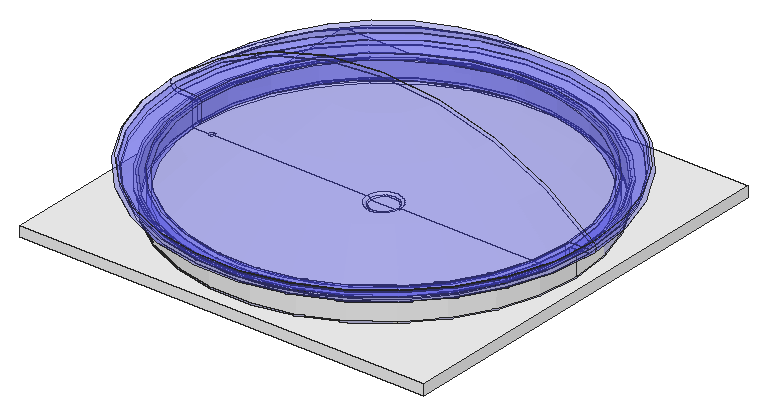
Revit family "BE_50015P_de_DE", category Leuchten, Revit 2020
Family settings
  Basisbauteil = Fläche
  Bemaßung runder Anschluss = Durchmesser verwenden
  Teiletyp = Normal
  Beim Laden mit Abzugskörper schneiden = Ja
  Lichtquelle = Ja
  Gemeinsam genutzt = Nein
  Raumberechnungspunkt = Ja
Parameters (values of type "BEGA_50015P_K3")
  built-in parameter 1150104 = 12.087 (stored number, unit not read)
  Wattage = 28.1 W
  Default Elevation = 0 mm
  built-in parameter 1150113 = 1 (stored number, unit not read)
  built-in parameter 1114218 = 1 (stored number, unit not read)
  Umgebungstemperatur = "25 °C"
  URL = "https://www.bega.com/de/produkt/50015P"
  Typenkommentare = "© 2022 BEGA. Wir behalten uns das Recht vor, technische Änderungen ohne vorherige Ankündigung vorzunehmen."  # constant formula
  built-in parameter 1150134 = (empty or 0)
  built-in parameter 1150109 = 1 (stored number, unit not read)
  Strom = ""
  built-in parameter 1150110 = 1 (stored number, unit not read)
  Spannung = 239.996 V
  Sonderanfertigung = no
  Seriennummer [instance] = "Hier können Sie die eindeutige Seriennummer für das Facility Management eintragen."
  Schutzklasse = "I"
  Schutzart = "IP 20"
  Scheinlast = 0 VA
  Produktdatenblatt = "http://www.bega.de/download/Xrfa/db/50015P.db.de.pdf"
  Oberflächentemperatur = ""
  Neigungswinkel = 0.00°
  Model = "50015PK2"
  Material_17 = BEGA_Reflektor
  Material_15 = BEGA_Leuchtmedium_matt
  Material_14 = BEGA_Kunststoff_opal
  Material_11 = BEGA_Glas_opal
  Material_09 = BEGA_Glas_klar
  Material_06 = BEGA_Oberfläche_Edelstahl_gebürstet
  Material_03 = BEGA_Oberfläche_Weiss_matt
  Material_02 = BEGA_Oberfläche_Silber_matt
  Material_01 [instance] = BEGA_Oberfläche_Grafit_matt
  M_W = no
  M_G = no
  M_A = no
  Logo = 0
  built-in parameter 1114217 = 1 (stored number, unit not read)
  built-in parameter 1150139 = (empty or 0)
  built-in parameter 1150105 = 1060.2 (stored number, unit not read)
  built-in parameter 1150114 = 1 (stored number, unit not read)
  Lumens = 3655.81 lm
  built-in parameter 1150115 = 1 (stored number, unit not read)
  Leuchtenlichtstrom = "2958 lm"
  Leuchtenanzahl = ""
  Lebensdauerkriterien = "L70B50 @ 25 °C = 302000 h"
  Lastklassifizierung = Beleuchtung
  built-in parameter 1150112 = 1 (stored number, unit not read)
  Lampenlichtstrom = "3655 lm"
  Lamp = "LED 28.1 W"
  LED_Modulbezeichnung = "LED-0630/927"
  Hersteller = "BEGA"  # constant formula
  Halbstreuwinkel = ""
  Gewicht = ""
  Gebrauchslageneinschränkung [instance] = ""
  Frequenz = "0/50-60 Hz"
  Farbwiedergabeindex = "CRI > 90"
  Farbtemperaturverschiebung bei Dämpfen der Lampe = <Keine Auswahl>
  Farbtemperatur = "2700 K"
  Color Filter = 16777215
  built-in parameter 1150133 = 10 (stored number, unit not read)
  Energieeffizienzklasse = "LED A++ - A"
  built-in parameter 1150137 = (empty or 0)
  built-in parameter 1150132 = (empty or 0)
  ENEC = "ja"
  Dimmbar [instance] = ""
  Photometric Web File = "BE_50015PK2.IES"
  CE_Konformität = "ja"
  Bestellnummer = "50015PK2"
  Beschreibung_Sonderanfertigung = "Hier können Sie Informationen zur Sonderanfertigung eintragen."
  Beschreibung = "Decken- und Wandleuchte"
  built-in parameter 1150106 = 10.602 (stored number, unit not read)
  Befestigungsbohrung = "Ø 6 mm"
  Befestigungsabstand = "340 mm"
  Ballwurfsicher = ""
  BEGA_Intern_aus = yes
  BEGA_Intern_an = yes
  BEGA_Intern_Konstruktion = yes
  BEGA_Intern = yes
  BEGA_IES = yes
  BEGA_Dummy = no
  Anschlussleitung = ""
  Anschlussleistung [instance] = "32.5 W"
  Anschlusskasten = ""
  built-in parameter 1150107 = 2700 (stored number, unit not read)
  built-in parameter 1150102 = (empty or 0)
  built-in parameter 1150138 = (empty or 0)
  Aktualisierung = "2020-07-14T04:00:13"
  Abstand_zur_angestrahlten_Fläche [instance] = ""
  AC/DC = "AC/DC"
Types (3, lengths in mm): name | built-in parameter 1150104 | built-in parameter 1150134 | Model | built-in parameter 1150105 | Lumens | Leuchtenlichtstrom | Lampenlichtstrom | LED_Modulbezeichnung | Farbtemperatur | Photometric Web File | Bestellnummer | built-in parameter 1150106 | built-in parameter 1150107
  BEGA_50015P_K3 | 12.18 (stored number, unit not read) | (empty or 0) | "50015PK3" | 1068.4 (stored number, unit not read) | 3683.91 lm | "3485 lm" | "4305 lm" | "LED-0630/930" | "3000 K" | "BE_50015PK3.IES" | "50015PK3" | 10.684 (stored number, unit not read) | 3000 (stored number, unit not read)
  BEGA_50015P_K4 | 12.626 (stored number, unit not read) | 12 | "50015PK4" | 1107.5 (stored number, unit not read) | 3818.79 lm | "3626 lm" | "4480 lm" | "LED-0630/940" | "4000 K" | "BE_50015PK4.IES" | "50015PK4" | 11.075 (stored number, unit not read) | 4000 (stored number, unit not read)
  BEGA_50015P_K27 | 12.626 (stored number, unit not read) | 12 | "50015PK27" | 1107.5 (stored number, unit not read) | 3818.79 lm | "3371 lm" | "4165 lm" | "LED-0630/927" | "2700 K" | "BE_50015PK27.IES" | "50015PK27" | 11.075 (stored number, unit not read) | 4000 (stored number, unit not read)
Reference planes
  plane 1 "Mitte (Vorne/Hinten)": y = 0
  plane 2: z = 0
  plane 3 "Mitte (Links/Rechts)": x = 0
  plane 4 "Links": x = -210.263
  plane 5 "Rechts": x = 210.263
  plane 6 "Unten": y = -210.3
  plane 7 "Oben": y = 210.3
  plane 8 "Vorne": z = 117.8
  plane 9 "Hinten": z = 0
Forms (mm)
  Extrusion 1, solid, material "BEGA_Platte_Weiss"
    sketch origin (0, -1119.2, 0) x (1, 0, 0) y (0, 1, 0)
      loop
        line (-200, 1319.2) -> (-200, 919.2) -> (200, 919.2) -> (200, 1319.2) -> (-200, 1319.2)
    from 0 to -10
  Extrusion 2, solid, material "BEGA_Dummy_matt", visible <- "BEGA_Dummy"
    sketch origin (77.149, -76.023, 0) x (1, 0, 0) y (0, 1, 0)
      loop
        circle (-77.149, 76.023) r 210
    from 0 to 117.8
Dimensions and locks
  plane 1 "Mitte (Vorne/Hinten)" to Extrusion 1 = 200 mm
  aligned and locked: plane 2 to Extrusion 1
  aligned and locked: level to Extrusion 1
Nested families
  nested 1: "BE_50015P" at (0, 0, 0) x (0, -1, 0) z (0, 0, 1), type "BE_50015P"
Connectors
  electrical at (0, 0, 0), driven by "Lastklassifizierung", driven by "Spannung", driven by "Scheinlast"
    settings: index 1, voltage 239.996 V, apparent load 0 VA, apparent load phase1 0 VA, apparent load phase2 0 VA, apparent load phase3 0 VA, power factor 1, load classification "Beleuchtung", number of poles 1, system type 31, power factor state 1, is connector primary yes, connector utility no, sub classification motor no, connector description ""
Definition of nested family "BE_50015P"
  Parameters (values of type "BE_50015P")
    Default Elevation = 1 mm
    URL = "http://www.bega.de/de/produkt"
    Type Comments = "© 2015 BEGA. Wir behalten uns das Recht vor, technische Änderungen ohne vorherige Ankündigung vorzunehmen. "  # constant formula
    Type Image = (empty or 0)
    Neigungswinkel_um_Z2 = 0.00°
    Neigungswinkel_um_Z1 = 0.00°
    Neigungswinkel_um_Y2 = 0.00°
    Neigungswinkel_um_Y1 = 0.00°
    Neigungswinkel_um_X2 = 0.00°
    Neigungswinkel_um_X1 = 0.00°
    Material_17 = none
    Material_15 = none
    Material_14 = none
    Material_11 = none
    Material_09 = none
    Material_06 = none
    Material_05 = none
    Material_03 = none
    Material_02 = none
    Material_01 = none
    M_W = yes
    M_G = yes
    M_A = yes
    Länge_Platte = 600 mm  # constant formula
    Höhe_Platte = -10 mm  # constant formula
    Manufacturer = "BEGA"  # constant formula
    Drehwinkel_um_Z2 = 0.00°
    Drehwinkel_um_Z1 = 0.00°
    Breite_Platte = 600 mm  # constant formula
  Reference planes
    plane 1 "Mitte (Oben/Unten)": y = 0
    plane 2: z = 0
    plane 3 "Mitte (Links/Rechts)": x = 0
    plane 4: y = 210.263
    plane 5: z = 117.8
    plane 6: y = -210.263
    plane 7: x = -210.3
    plane 8: x = 210.3
  Forms (mm)
    Extrusion 1, solid, detail levels medium
      sketch origin (0, 0, 0) x (1, 0, 0) y (0, 1, 0)
        loop
          line (-300, 300) -> (-300, -300) -> (300, -300) -> (300, 300) -> (-300, 300)
      from 0 to -10 <- "Höhe_Platte"
    Revolve 2, solid, material <- "Material_03", detail levels medium+fine
      sketch origin (0, 0, 0) x (0, 1, 0) y (0, 0, 1)
        loop
          line (188.667, 3.3) -> (16.416, 3.3)
          arc (16.416, 3.3) -> (15.106, 2.926) -> (14.186, 1.92) r 2.5
          arc (14.186, 1.92) -> (13.635, 1.322) -> (12.852, 1.1) r 1.5
          line (12.852, 1.1) -> (0.002, 1.1) -> (0.002, 0.1) -> (13.084, 0.1)
          arc (13.084, 0.1) -> (14.394, 0.474) -> (15.313, 1.48) r 2.5
          arc (15.313, 1.48) -> (15.866, 2.078) -> (16.65, 2.3) r 1.5
          line (16.65, 2.3) -> (188.667, 2.3)
          arc (188.667, 2.3) -> (190.064, 2.868) -> (190.667, 4.25) r 2
          line (190.667, 4.25) -> (191.038, 25.509)
          arc (191.038, 25.509) -> (191.277, 26.071) -> (191.842, 26.3) r 0.8
          line (191.842, 26.3) -> (194, 26.3) -> (194, 27.3) -> (191.844, 27.3)
          arc (191.844, 27.3) -> (190.578, 26.786) -> (190.038, 25.531) r 1.8
          line (190.038, 25.531) -> (189.667, 4.275)
          arc (189.667, 4.275) -> (189.365, 3.584) -> (188.667, 3.3) r 1
        axis (0, 0.1) -> (0, 27.3)
      angle from 0 to 360
    Extrusion 3, void
      sketch origin (0, 0, 0) x (1, 0, 0) y (0, 1, 0)
        loop
          circle (163, 18) r 8.5
        loop
          circle (0, -170) r 2.75
        loop
          circle (163, -18) r 8.5
        loop
          circle (0, 170) r 2.75
      from 1.096 to 7.205
    Revolve 4, solid, material <- "Material_14", detail levels medium+fine
      sketch origin (0, 0, 0) x (0, 1, 0) y (0, 0, 1)
        loop
          line (0, 117.8) -> (0, 113.8)
          arc (0, 113.8) -> (109.34, 94.281) -> (205.171, 38.134) r 315.999
          arc (205.171, 38.134) -> (206.112, 34.88) -> (203.42, 32.823) r 3
          line (203.42, 32.823) -> (183.692, 31.789)
          arc (183.692, 31.789) -> (181.07, 30.581) -> (180, 27.899) r 3.895
          line (180, 27.899) -> (180, 10.3) -> (184, 10.3) -> (184, 26.851)
          arc (184, 26.851) -> (184.275, 27.539) -> (184.948, 27.85) r 1
          line (184.948, 27.85) -> (203.629, 28.829)
          arc (203.629, 28.829) -> (209.896, 33.581) -> (207.79, 41.158) r 7
          arc (207.79, 41.158) -> (110.737, 98.029) -> (0, 117.8) r 319.999
        axis (0, 117.8) -> (0, 10.3)
      angle from 0 to 360
    Revolve 5, solid, material <- "Material_03", detail levels medium+fine
      sketch origin (87.5, 0, 0) x (0, 1, 0) y (0, 0, 1)
        loop
          line (151.554, 0) -> (151.554, 2.614) -> (145.865, 2.614)
          arc (145.865, 2.614) -> (148.424, 0.685) -> (151.554, 0) r 7.5
        axis (151.554, 0) -> (151.554, 2.614)
      angle from 0 to 360
    Revolve 6, solid, material <- "Material_03", detail levels medium+fine
      sketch origin (-43.752, -75.774, 0) x (0.866025, -0.5, 0) y (0, 0, 1)
        loop
          line (151.554, 0) -> (151.554, 2.614) -> (145.865, 2.614)
          arc (145.865, 2.614) -> (148.424, 0.685) -> (151.554, 0) r 7.5
        axis (151.554, 0) -> (151.554, 2.614)
      angle from 0 to 360
    Revolve 7, solid, material <- "Material_03", detail levels medium+fine
      sketch origin (-43.748, 75.781, 0) x (-0.866025, -0.5, 0) y (0, 0, 1)
        loop
          line (151.554, 0) -> (151.554, 2.614) -> (145.865, 2.614)
          arc (145.865, 2.614) -> (148.424, 0.685) -> (151.554, 0) r 7.5
        axis (151.554, 0) -> (151.554, 2.614)
      angle from 0 to 360
  Cuts and joins
    Extrusion 3 cuts Revolve 2
    joined: Revolve 2, Revolve 5, Revolve 6, Revolve 7
  Dimensions and locks
    equal spacing: Extrusion 1 sketch curve, plane 3 "Mitte (Links/Rechts)", Extrusion 1 sketch curve
    equal spacing: Extrusion 1 sketch curve, plane 1 "Mitte (Oben/Unten)", Extrusion 1 sketch curve
    "Länge_Platte": Extrusion 1 sketch curve to Extrusion 1 sketch curve
    "Breite_Platte": Extrusion 1 sketch curve to Extrusion 1 sketch curve
    aligned and locked: Extrusion 1 to plane 2
    aligned and locked: level to Extrusion 1
  Automatic sketch dimensions
    Revolve 2 sketch curve to Revolve 2 sketch curve = 0 mm  (x11)
    Revolve 2 sketch curve to plane 1 "Mitte (Oben/Unten)" = 0 mm
    Revolve 2 sketch curve to plane 1 "Mitte (Oben/Unten)" = 0.002 mm
    level to Revolve 2 sketch curve = 2.6 mm
    Revolve 2 sketch curve to plane 1 "Mitte (Oben/Unten)" = 12.849 mm
    Revolve 2 sketch curve to Revolve 2 sketch curve = 0.003 mm
    Revolve 2 sketch curve to Revolve 2 sketch curve = 0.229 mm  (x2)
    level to Revolve 2 sketch curve = 0.1 mm
    Revolve 2 sketch curve to Revolve 2 sketch curve = 0.232 mm
    Revolve 2 sketch curve to Revolve 2 sketch curve = 3.338 mm
    level to Revolve 2 sketch curve = 0.8 mm
    Revolve 2 sketch curve to Revolve 2 sketch curve = 0.005 mm
    level to Revolve 2 sketch curve = 4.3 mm
    level to Revolve 2 sketch curve = 4.275 mm
    Revolve 2 sketch curve to Revolve 2 sketch curve = 1 mm  (x6)
    level to Revolve 2 sketch curve = 4.25 mm
    Revolve 2 sketch curve to Revolve 2 sketch curve = 0.8 mm
    Revolve 2 sketch curve to Revolve 2 sketch curve = 0.004 mm
    Revolve 2 sketch curve to Revolve 2 sketch curve = 0.002 mm
    Revolve 2 sketch curve to Revolve 2 sketch curve = 2.156 mm
    Revolve 2 sketch curve to Revolve 2 sketch curve = 21.25 mm
    Revolve 2 sketch curve to Revolve 2 sketch curve = 0.009 mm
    Revolve 2 sketch curve to Revolve 2 sketch curve = 0.025 mm
    Revolve 2 sketch curve to Revolve 2 sketch curve = 6.2 mm
    Revolve 5 sketch curve to Revolve 5 sketch curve = 5.69 mm
    Revolve 5 sketch curve to Revolve 5 sketch curve = 0 mm  (x3)
    Revolve 5 sketch curve to Revolve 5 sketch curve = 1.154 mm
    Revolve 5 sketch curve to Revolve 5 sketch curve = 2.614 mm
    Revolve 6 sketch curve to Revolve 6 sketch curve = 5.69 mm
    Revolve 6 sketch curve to Revolve 6 sketch curve = 0 mm  (x3)
    Revolve 6 sketch curve to Revolve 6 sketch curve = 1.154 mm
    Revolve 6 sketch curve to Revolve 6 sketch curve = 2.614 mm
    Revolve 7 sketch curve to Revolve 7 sketch curve = 5.69 mm
    Revolve 7 sketch curve to Revolve 7 sketch curve = 0 mm  (x3)
    Revolve 7 sketch curve to Revolve 7 sketch curve = 1.154 mm
    Revolve 7 sketch curve to Revolve 7 sketch curve = 2.614 mm
    Revolve 5 sketch curve to level = 0 mm
    Revolve 6 sketch curve to level = 0 mm
    level to Revolve 7 sketch curve = 0 mm
    Extrusion 3 sketch curve to plane 3 "Mitte (Links/Rechts)" = 0 mm  (x2)
    plane 1 "Mitte (Oben/Unten)" to Extrusion 3 sketch curve = 18 mm
    Extrusion 3 sketch curve to plane 1 "Mitte (Oben/Unten)" = 18 mm
    Revolve 4 sketch curve to Revolve 4 sketch curve = 0 mm  (x9)
    Revolve 4 sketch curve to plane 1 "Mitte (Oben/Unten)" = 0 mm  (x2)
    plane 1 "Mitte (Oben/Unten)" to Revolve 4 sketch curve = 0 mm
    Revolve 4 sketch curve to plane 1 "Mitte (Oben/Unten)" = 0.001 mm
    Revolve 4 sketch curve to Revolve 4 sketch curve = 3.692 mm
    Revolve 4 sketch curve to Revolve 4 sketch curve = 0.204 mm
    Revolve 4 sketch curve to Revolve 4 sketch curve = 4 mm  (x2)
    Revolve 4 sketch curve to Revolve 4 sketch curve = 1 mm
    Revolve 4 sketch curve to Revolve 4 sketch curve = 19.572 mm
    Revolve 4 sketch curve to level = 202.199 mm
    Revolve 4 sketch curve to Revolve 4 sketch curve = 0.001 mm
    level to Revolve 4 sketch curve = 10.3 mm
    Revolve 4 sketch curve to Revolve 4 sketch curve = 16.551 mm
    Revolve 4 sketch curve to Revolve 4 sketch curve = 1.048 mm
    Revolve 4 sketch curve to Revolve 4 sketch curve = 4.03 mm
    Revolve 4 sketch curve to Revolve 4 sketch curve = 0.052 mm
    Revolve 4 sketch curve to Revolve 4 sketch curve = 0.157 mm
    Revolve 4 sketch curve to Revolve 4 sketch curve = 0.209 mm
    Revolve 4 sketch curve to Revolve 4 sketch curve = 1.908 mm
    Revolve 4 sketch curve to Revolve 4 sketch curve = 2.619 mm
    Revolve 2 sketch curve to Revolve 2 sketch curve = 172.018 mm
    Revolve 2 sketch curve to Revolve 2 sketch curve = 0.371 mm
    Extrusion 3 sketch curve to plane 1 "Mitte (Oben/Unten)" = 170 mm
    Revolve 4 sketch curve to plane 1 "Mitte (Oben/Unten)" = 180 mm
    Revolve 5 sketch curve to plane 1 "Mitte (Oben/Unten)" = 145.865 mm
    plane 1 "Mitte (Oben/Unten)" to Extrusion 3 sketch curve = 170 mm
    level to Revolve 4 sketch curve = 113.8 mm
    Revolve 4 sketch curve to Revolve 4 sketch curve = 45.47 mm
    plane 3 "Mitte (Links/Rechts)" to Extrusion 3 sketch curve = 163 mm
    Extrusion 3 sketch curve to Extrusion 3 sketch curve = 0 mm
    radius of Extrusion 3 sketch curve = 8.5 mm  (x2)
    radius of Extrusion 3 sketch curve = 2.75 mm  (x2)
